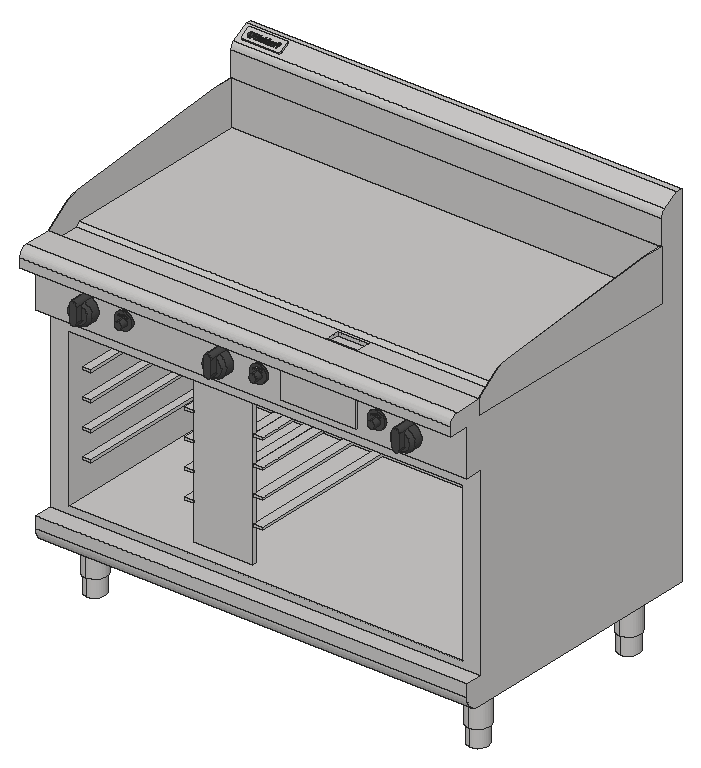
Revit family "QF_MOFFAT WALDORF_GP8120G-CB", category Specialty Equipment, Revit 2012
Parameters
  Width [instance] = 47.24409"  # constant formula
  Weight in Pounds = 533.518  # constant formula
  URL Cutsheet = "www.moffat.com"
  URL = "www.moffat.com"
  Type Mark [instance] = ""
  Status [instance] = ""
  Specification by User [instance] = ""
  Specification by Manufacturer = ""
  Show Logo [instance] = yes
  Show Casters [instance] = no
  Serial Number = ""
  Seismic Rating = ""
  SMACNA No = ""
  Revision Code [instance] = ""
  Omniclass Number and Title = ""
  NAFEM Spec ID Number = ""
  Model = "GP8120G-CB"
  Mechanical Remarks [instance] = ""
  Mechanical Connection Type [instance] = ""
  Masterspec = ""
  Manufacturer = "MOFFAT WALDORF"
  Legs [instance] = not(Show Casters)  # yes
  Item Number [instance] = ""
  Installed By [instance] = ""
  Identify Quantity as Lot [instance] = yes
  Height [instance] = 20.86614"  # constant formula
  Gas Size = 3/4"
  Gas RI Height [instance] = 0"
  Gas KW [instance] = 30
  Gas Input [instance] = 102364.0 Btu/h
  Gas Connection Height = 0"
  Furnished By [instance] = ""
  Foodservice Equipment Identifier [instance] = yes
  Description = "GRIDDLE PLATE GAS ON CABINET BASE"
  Depth [instance] = 31.69291"  # constant formula
  CSI MasterFormat = ""
  CSI Master Format = ""
  Base Height [instance] = 5.90551"
Reference planes (in)
  plane 1 "BACK": y = 0
  plane 2: z = 0
  plane 3 "LEFT": x = 0
  plane 4 "RIGHT": x = 47.24409
  plane 5 "FRONT": y = -31.69291
  plane 6 "TOP": z = 44.48819
  plane 7 "Center Y": x = 23.62205
  plane 8 "Center X": y = -15.84646
  plane 9 "Base Height": z = 5.90551
  plane 10: x = 2.55906
  plane 11: x = 44.64567
  plane 12: z = 36.02362
  plane 13: z = 25.7874
  plane 14: x = 42.12598
Forms (in)
  Extrusion 1, solid, material "QF_Finishes_Stainless Steel"
    sketch origin (0, 0, 0) x (0, 1, 0) y (0, 0, 1)
      loop
        line (-31.69291, 35.07874) -> (-31.69291, 34.09449) -> (-29.48819, 34.09449) -> (-29.48819, 28.93701) -> (-3.93701, 28.93701) -> (-3.93701, 5.90551) -> (0, 5.90551) -> (0, 44.48819) -> (-0.64961, 44.48819) -> (-2.31138, 43.52877)
        arc (-2.31138, 43.52877) -> (-2.63679, 43.20335) -> (-2.75591, 42.75882) r 0.88906
        line (-2.75591, 42.75882) -> (-2.75591, 34.44882) -> (-27.75591, 34.44882) -> (-27.75591, 36.02362) -> (-30.74803, 36.02362)
        arc (-30.74803, 36.02362) -> (-31.41616, 35.74687) -> (-31.69291, 35.07874) r 0.94488
      loop
        line (-27.51969, 5.90551) -> (-27.51969, 8.75984) -> (-29.48819, 8.75984) -> (-29.48819, 7.40157)
        arc (-29.48819, 7.40157) -> (-29.05, 6.3437) -> (-27.99213, 5.90551) r 1.49606
        line (-27.99213, 5.90551) -> (-27.51969, 5.90551)
    from 0 to 47.24409
  Extrusion 2, solid, material "QF_Finishes_Stainless Steel"
    sketch origin (27.80512, 0.11811, 1.1811) x (1, 0, 0) y (0, 1, 0)
      loop
        circle (14.33071, -1.37795) r 0.5315
    from 24.6063 to 27.75591
  Revolve 3, solid, material "QF_Finishes_Black"
    sketch origin (5.90551, 0, 20.86116) x (0, 1, 0) y (0, 0, -1)
      loop
        line (-30.7874, -11.79134) -> (-29.88189, -11.79134) -> (-29.88189, -10.70866) -> (-29.48819, -10.70866) -> (-29.48819, -10.51181) -> (-31.22047, -10.51181) -> (-31.22047, -11.56107) -> (-30.7874, -11.79134)
      axis (-31.22047, -10.51181) -> (-29.48819, -10.51181)
    angle from 0 to 360
  Extrusion 4, solid, material "QF_Finishes_Black"
    sketch origin (11.34919, 0, 20.86737) x (-1, 0, 0) y (0, 0, -1)
      loop
        arc (5.83735, -10.03814) -> (5.44365, -9.64444) -> (5.04995, -10.03814) r 0.3937
        line (5.04995, -10.03814) -> (5.04995, -11.57357)
        arc (5.04995, -11.57357) -> (5.44365, -11.96727) -> (5.83735, -11.57357) r 0.3937
        line (5.83735, -11.57357) -> (5.83735, -10.03814)
    from 29.88189 to 31.81102
  Extrusion 5, solid, material "QF_Finishes_Stainless Steel"
    sketch origin (1.68504, -29.48819, 34.09449) x (0, 0, -1) y (1, 0, 0)
      loop
        line (1.04331, 25.19685) -> (4.4685, 25.19685) -> (4.4685, 33.46457) -> (1.04331, 33.46457) -> (1.04331, 25.19685)
    from 0 to 0.09843
  Extrusion 6, solid, material "QF_Finishes_Stainless Steel"
    sketch origin (1.68504, -29.58661, 34.09449) x (0, 0, -1) y (1, 0, 0)
      loop
        line (1.3189, 33.46457) -> (1.04331, 33.46457) -> (1.04331, 25.19685) -> (1.3189, 25.19685) -> (1.3189, 33.46457)
    from 0 to 0.19685
  Extrusion 7, solid, material "QF_Finishes_Black"
    sketch origin (0, -29.48819, 34.09449) x (0, 0, -1) y (1, 0, 0)
      loop
        circle (2.70669, 9.74409) r 0.94488
      loop
        arc (2.31694, 10.33124) -> (2.00055, 9.749) -> (2.30836, 9.16218) r 0.70345
        arc (2.30836, 9.16218) -> (2.32725, 9.15095) -> (2.34753, 9.15943) r 0.02445
        arc (2.34753, 9.15943) -> (2.40409, 9.26016) -> (2.41764, 9.37489) r 0.29507
        arc (2.41764, 9.37489) -> (2.4096, 9.41142) -> (2.39196, 9.44439) r 0.1367
        arc (2.39196, 9.44439) -> (2.30175, 9.73823) -> (2.38559, 10.03395) r 0.54277
        arc (2.38559, 10.03395) -> (2.41079, 10.08392) -> (2.42122, 10.13891) r 0.20083
        arc (2.42122, 10.13891) -> (2.40663, 10.23806) -> (2.35565, 10.32436) r 0.26029
        arc (2.35565, 10.32436) -> (2.33749, 10.33451) -> (2.31694, 10.33124) r 0.03175
    from 0 to 0.19685
  Extrusion 8, solid, material "QF_Finishes_Black"
    sketch origin (0, -29.68504, 34.09449) x (0, 0, -1) y (1, 0, 0)
      loop
        circle (2.84449, 9.74409) r 0.3937
    from 0 to 0.71853
  Revolve 9, solid, material "QF_Finishes_Black"
    sketch origin (41.33858, 0, 20.86116) x (0, 1, 0) y (0, 0, 1)
      loop
        line (-30.7874, 11.79134) -> (-31.22047, 11.56107) -> (-31.22047, 10.51181) -> (-29.48819, 10.51181) -> (-29.48819, 10.70866) -> (-29.88189, 10.70866) -> (-29.88189, 11.79134) -> (-30.7874, 11.79134)
      axis (-31.22047, 10.51181) -> (-29.48819, 10.51181)
    angle from 0 to 360
  Extrusion 10, solid, material "QF_Finishes_Black"
    sketch origin (35.8949, 0, 20.86737) x (1, 0, 0) y (0, 0, 1)
      loop
        line (5.83735, 10.03814) -> (5.83735, 11.57357)
        arc (5.83735, 11.57357) -> (5.44365, 11.96727) -> (5.04995, 11.57357) r 0.3937
        line (5.04995, 11.57357) -> (5.04995, 10.03814)
        arc (5.04995, 10.03814) -> (5.44365, 9.64444) -> (5.83735, 10.03814) r 0.3937
    from 29.88189 to 31.81102
  Extrusion 11, solid, material "QF_Finishes_Black"
    sketch origin (47.24409, -29.48819, 34.09449) x (0, 0, -1) y (1, 0, 0)
      loop
        circle (2.70669, -9.74409) r 0.94488
      loop
        arc (2.31694, -10.33124) -> (2.33749, -10.33451) -> (2.35565, -10.32436) r 0.03175
        arc (2.35565, -10.32436) -> (2.40663, -10.23806) -> (2.42122, -10.13891) r 0.26029
        arc (2.42122, -10.13891) -> (2.41079, -10.08392) -> (2.38559, -10.03395) r 0.20083
        arc (2.38559, -10.03395) -> (2.30175, -9.73823) -> (2.39196, -9.44439) r 0.54277
        arc (2.39196, -9.44439) -> (2.4096, -9.41142) -> (2.41764, -9.37489) r 0.1367
        arc (2.41764, -9.37489) -> (2.40409, -9.26016) -> (2.34753, -9.15943) r 0.29507
        arc (2.34753, -9.15943) -> (2.32725, -9.15095) -> (2.30836, -9.16218) r 0.02445
        arc (2.30836, -9.16218) -> (2.00055, -9.749) -> (2.31694, -10.33124) r 0.70345
    from 0 to 0.19685
  Extrusion 12, solid, material "QF_Finishes_Black"
    sketch origin (47.24409, -29.68504, 34.09449) x (0, 0, -1) y (1, 0, 0)
      loop
        circle (2.84449, -9.74409) r 0.3937
    from 0 to 0.71853
  Revolve 13, solid, material "QF_Finishes_Black"
    sketch origin (20.66929, 0, 20.86116) x (0, 1, 0) y (0, 0, -1)
      loop
        line (-30.7874, -11.79134) -> (-29.88189, -11.79134) -> (-29.88189, -10.70866) -> (-29.48819, -10.70866) -> (-29.48819, -10.51181) -> (-31.22047, -10.51181) -> (-31.22047, -11.56107) -> (-30.7874, -11.79134)
      axis (-31.22047, -10.51181) -> (-29.48819, -10.51181)
    angle from 0 to 360
  Extrusion 14, solid, material "QF_Finishes_Black"
    sketch origin (26.11297, 0, 20.86737) x (-1, 0, 0) y (0, 0, -1)
      loop
        arc (5.83735, -10.03814) -> (5.44365, -9.64444) -> (5.04995, -10.03814) r 0.3937
        line (5.04995, -10.03814) -> (5.04995, -11.57357)
        arc (5.04995, -11.57357) -> (5.44365, -11.96727) -> (5.83735, -11.57357) r 0.3937
        line (5.83735, -11.57357) -> (5.83735, -10.03814)
    from 29.88189 to 31.81102
  Extrusion 15, solid, material "QF_Finishes_Black"
    sketch origin (14.76378, -29.48819, 34.09449) x (0, 0, -1) y (1, 0, 0)
      loop
        circle (2.70669, 9.74409) r 0.94488
      loop
        arc (2.31694, 10.33124) -> (2.00055, 9.749) -> (2.30836, 9.16218) r 0.70345
        arc (2.30836, 9.16218) -> (2.32725, 9.15095) -> (2.34753, 9.15943) r 0.02445
        arc (2.34753, 9.15943) -> (2.40409, 9.26016) -> (2.41764, 9.37489) r 0.29507
        arc (2.41764, 9.37489) -> (2.4096, 9.41142) -> (2.39196, 9.44439) r 0.1367
        arc (2.39196, 9.44439) -> (2.30175, 9.73823) -> (2.38559, 10.03395) r 0.54277
        arc (2.38559, 10.03395) -> (2.41079, 10.08392) -> (2.42122, 10.13891) r 0.20083
        arc (2.42122, 10.13891) -> (2.40663, 10.23806) -> (2.35565, 10.32436) r 0.26029
        arc (2.35565, 10.32436) -> (2.33749, 10.33451) -> (2.31694, 10.33124) r 0.03175
    from 0 to 0.19685
  Extrusion 16, solid, material "QF_Finishes_Black"
    sketch origin (14.76378, -29.68504, 34.09449) x (0, 0, -1) y (1, 0, 0)
      loop
        circle (2.84449, 9.74409) r 0.3937
    from 0 to 0.71853
  Revolve 17, solid, material "QF_Finishes_Stainless Steel", visible <- "Legs"
    sketch origin (44.6063, -8.26772, 0) x (0, 1, 0) y (0, 0, -1)
      loop
        line (3.08071, -5.90551) -> (4.33071, -5.90551) -> (4.33071, 0) -> (3.24803, 0) -> (3.24803, -1.9685) -> (3.08071, -1.9685) -> (3.08071, -5.90551)
      axis (4.33071, -5.90551) -> (4.33071, 0)
    angle from 0 to 360
  Revolve 18, solid, material "QF_Finishes_Stainless Steel"
    sketch origin (44.6063, -28.93701, 0) x (0, 1, 0) y (0, 0, -1)
      loop
        line (3.08071, -5.90551) -> (4.33071, -5.90551) -> (4.33071, 0) -> (3.24803, 0) -> (3.24803, -1.9685) -> (3.08071, -1.9685) -> (3.08071, -5.90551)
      axis (4.33071, -5.90551) -> (4.33071, 0)
    angle from 0 to 360
  Revolve 19, solid, material "QF_Finishes_Stainless Steel", visible <- "Legs"
    sketch origin (2.55906, -8.26772, 0) x (0, 1, 0) y (0, 0, -1)
      loop
        line (3.08071, -5.90551) -> (4.33071, -5.90551) -> (4.33071, 0) -> (3.24803, 0) -> (3.24803, -1.9685) -> (3.08071, -1.9685) -> (3.08071, -5.90551)
      axis (4.33071, -5.90551) -> (4.33071, 0)
    angle from 0 to 360
  Revolve 20, solid, material "QF_Finishes_Stainless Steel"
    sketch origin (2.55906, -28.93701, 0) x (0, 1, 0) y (0, 0, -1)
      loop
        line (3.08071, -5.90551) -> (4.33071, -5.90551) -> (4.33071, 0) -> (3.24803, 0) -> (3.24803, -1.9685) -> (3.08071, -1.9685) -> (3.08071, -5.90551)
      axis (4.33071, -5.90551) -> (4.33071, 0)
    angle from 0 to 360
  Extrusion 21, solid, material "QF_Finishes_Stainless Steel"
    sketch origin (0, -3.93701, 28.93701) x (0, 0, 1) y (-1, 0, 0)
      loop
        line (0, 0) -> (-23.0315, 0) -> (-23.0315, -47.24409) -> (0, -47.24409) -> (0, 0)
      loop
        line (-2.16535, -1.9685) -> (-19.38976, -1.9685) -> (-19.38976, -45.27559) -> (-2.16535, -45.27559) -> (-2.16535, -1.9685)
    from 0 to 23.58268
  Extrusion 22, void
    sketch origin (0, 0, 5.90551) x (-1, 0, 0) y (0, -1, 0)
      loop
        line (-44.51269, 3.43545) -> (-44.51269, -1.19053) -> (-39.41426, -1.19053) -> (-39.41426, 1.526) -> (-41.32371, 3.43545) -> (-44.51269, 3.43545)
    from 2.85433 to 23.0315
  Extrusion 23, solid, material "QF_Finishes_Stainless Steel"
    sketch origin (0, -3.93701, 28.93701) x (0, 0, 1) y (-1, 0, 0)
      loop
        line (-2.16535, -20.80709) -> (-2.16535, -14.27165) -> (-19.38976, -14.27165) -> (-19.38976, -20.80709) -> (-2.16535, -20.80709)
    from 21.38983 to 21.78353
  Extrusion 24, solid, material "QF_Finishes_Stainless Steel"
    sketch origin (0, -3.93701, 28.93701) x (0, 0, 1) y (-1, 0, 0)
      loop
        line (-9.69488, -14.24705) -> (-9.44488, -14.24705) -> (-9.44488, -13.2628) -> (-9.69488, -13.2628) -> (-9.69488, -14.24705)
      loop
        line (-12.64764, -14.24705) -> (-12.39764, -14.24705) -> (-12.39764, -13.2628) -> (-12.64764, -13.2628) -> (-12.64764, -14.24705)
      loop
        line (-12.64764, -1.9685) -> (-12.64764, -2.95276) -> (-12.39764, -2.95276) -> (-12.39764, -1.9685) -> (-12.64764, -1.9685)
      loop
        line (-9.44488, -2.95276) -> (-9.44488, -1.9685) -> (-9.69488, -1.9685) -> (-9.69488, -2.95276) -> (-9.44488, -2.95276)
      loop
        line (-15.60039, -14.24705) -> (-15.35039, -14.24705) -> (-15.35039, -13.2628) -> (-15.60039, -13.2628) -> (-15.60039, -14.24705)
      loop
        line (-15.60039, -1.9685) -> (-15.60039, -2.95276) -> (-15.35039, -2.95276) -> (-15.35039, -1.9685) -> (-15.60039, -1.9685)
      loop
        line (-6.74213, -14.24705) -> (-6.49213, -14.24705) -> (-6.49213, -13.2628) -> (-6.74213, -13.2628) -> (-6.74213, -14.24705)
      loop
        line (-6.49213, -2.95276) -> (-6.49213, -1.9685) -> (-6.74213, -1.9685) -> (-6.74213, -2.95276) -> (-6.49213, -2.95276)
      loop
        line (-9.69488, -20.83661) -> (-9.69488, -21.82087) -> (-9.44488, -21.82087) -> (-9.44488, -20.83661) -> (-9.69488, -20.83661)
      loop
        line (-12.64764, -20.83661) -> (-12.64764, -21.82087) -> (-12.39764, -21.82087) -> (-12.39764, -20.83661) -> (-12.64764, -20.83661)
      loop
        line (-12.64764, -45.23267) -> (-12.39764, -45.23267) -> (-12.39764, -44.24842) -> (-12.64764, -44.24842) -> (-12.64764, -45.23267)
      loop
        line (-9.44488, -44.24842) -> (-9.69488, -44.24842) -> (-9.69488, -45.23267) -> (-9.44488, -45.23267) -> (-9.44488, -44.24842)
      loop
        line (-15.60039, -20.83661) -> (-15.60039, -21.82087) -> (-15.35039, -21.82087) -> (-15.35039, -20.83661) -> (-15.60039, -20.83661)
      loop
        line (-15.60039, -45.23267) -> (-15.35039, -45.23267) -> (-15.35039, -44.24842) -> (-15.60039, -44.24842) -> (-15.60039, -45.23267)
      loop
        line (-6.74213, -20.83661) -> (-6.74213, -21.82087) -> (-6.49213, -21.82087) -> (-6.49213, -20.83661) -> (-6.74213, -20.83661)
      loop
        line (-6.49213, -44.24842) -> (-6.74213, -44.24842) -> (-6.74213, -45.23267) -> (-6.49213, -45.23267) -> (-6.49213, -44.24842)
    from 0 to 21.78353
Cuts and joins
  Extrusion 22 cuts Extrusion 1
  joined: Extrusion 1, Extrusion 21
Lines and regions (in)
  Split face 1
    outline origin (1.93159, -0.77746, 44.41437) x (0, -0.866025, -0.5) y (1, 0, 0)
      loop
        line (0.0562, 4.15354) -> (1.41087, 4.15354) -> (1.41087, 4.94094) -> (0.0562, 4.94094) -> (0.0562, 4.15354)
  Split face 2
    outline origin (3.9001, -0.77746, 44.41437) x (0, -0.866025, -0.5) y (1, 0, 0)
      loop
        line (0.0562, 4.15354) -> (1.41087, 4.15354) -> (1.41087, 4.94094) -> (0.0562, 4.94094) -> (0.0562, 4.15354)
  Split face 3
    outline origin (5.8686, -0.77746, 44.41437) x (0, -0.866025, -0.5) y (1, 0, 0)
      loop
        line (0.0562, 4.15354) -> (1.41087, 4.15354) -> (1.41087, 4.94094) -> (0.0562, 4.94094) -> (0.0562, 4.15354)
  Split face 4
    outline origin (7.83711, -0.77746, 44.41437) x (0, -0.866025, -0.5) y (1, 0, 0)
      loop
        line (0.0562, 4.15354) -> (1.41087, 4.15354) -> (1.41087, 4.94094) -> (0.0562, 4.94094) -> (0.0562, 4.15354)
  Split face 5
    outline origin (9.80561, -0.77746, 44.41437) x (0, -0.866025, -0.5) y (1, 0, 0)
      loop
        line (0.0562, 4.15354) -> (1.41087, 4.15354) -> (1.41087, 4.94094) -> (0.0562, 4.94094) -> (0.0562, 4.15354)
  Split face 6
    outline origin (11.77411, -0.77746, 44.41437) x (0, -0.866025, -0.5) y (1, 0, 0)
      loop
        line (0.0562, 4.15354) -> (1.41087, 4.15354) -> (1.41087, 4.94094) -> (0.0562, 4.94094) -> (0.0562, 4.15354)
  Split face 7
    outline origin (2.03002, -0.77746, 44.41437) x (0, -0.866025, -0.5) y (1, 0, 0)
      loop
        line (0.0562, 15.96457) -> (1.41087, 15.96457) -> (1.41087, 16.75197) -> (0.0562, 16.75197) -> (0.0562, 15.96457)
  Split face 8
    outline origin (3.99852, -0.77746, 44.41437) x (0, -0.866025, -0.5) y (1, 0, 0)
      loop
        line (0.0562, 15.96457) -> (1.41087, 15.96457) -> (1.41087, 16.75197) -> (0.0562, 16.75197) -> (0.0562, 15.96457)
  Split face 9
    outline origin (5.96703, -0.77746, 44.41437) x (0, -0.866025, -0.5) y (1, 0, 0)
      loop
        line (0.0562, 15.96457) -> (1.41087, 15.96457) -> (1.41087, 16.75197) -> (0.0562, 16.75197) -> (0.0562, 15.96457)
  Split face 10
    outline origin (7.93553, -0.77746, 44.41437) x (0, -0.866025, -0.5) y (1, 0, 0)
      loop
        line (0.0562, 15.96457) -> (1.41087, 15.96457) -> (1.41087, 16.75197) -> (0.0562, 16.75197) -> (0.0562, 15.96457)
  Split face 11
    outline origin (9.90404, -0.77746, 44.41437) x (0, -0.866025, -0.5) y (1, 0, 0)
      loop
        line (0.0562, 15.96457) -> (1.41087, 15.96457) -> (1.41087, 16.75197) -> (0.0562, 16.75197) -> (0.0562, 15.96457)
  Split face 12
    outline origin (11.87254, -0.77746, 44.41437) x (0, -0.866025, -0.5) y (1, 0, 0)
      loop
        line (0.0562, 15.96457) -> (1.41087, 15.96457) -> (1.41087, 16.75197) -> (0.0562, 16.75197) -> (0.0562, 15.96457)
  Split face 13
    outline origin (13.84104, -0.77746, 44.41437) x (0, -0.866025, -0.5) y (1, 0, 0)
      loop
        line (0.0562, 15.96457) -> (1.41087, 15.96457) -> (1.41087, 16.75197) -> (0.0562, 16.75197) -> (0.0562, 15.96457)
  Split face 14
    outline origin (15.83899, -0.77746, 44.41437) x (0, -0.866025, -0.5) y (1, 0, 0)
      loop
        line (0.0562, 15.96457) -> (1.41087, 15.96457) -> (1.41087, 16.75197) -> (0.0562, 16.75197) -> (0.0562, 15.96457)
  Split face 15
    outline origin (17.8075, -0.77746, 44.41437) x (0, -0.866025, -0.5) y (1, 0, 0)
      loop
        line (0.0562, 15.96457) -> (1.41087, 15.96457) -> (1.41087, 16.75197) -> (0.0562, 16.75197) -> (0.0562, 15.96457)
  symbolic lines, visible <- "Show Logo"
    curve 1: line (0.49213, -2.04962, 0) -> (0.49213, -0.83067, 0)
    curve 2: line (4.78346, -0.83067, 0) -> (4.78346, -2.04962, 0)
    curve 3: line (0.49213, -0.83067, 0) -> (4.78346, -0.83067, 0)
    curve 4: line (0.49213, -2.04962, 0) -> (4.78346, -2.04962, 0)
  symbolic lines
    curve 5: line (6.08514, -1.99931, 0) -> (6.08514, -0.82613, 0)
    curve 6: line (6.08514, -0.82613, 0) -> (6.87254, -0.82613, 0)
    curve 7: line (6.87254, -0.82613, 0) -> (6.87254, -1.99931, 0)
    curve 8: line (6.87254, -1.99931, 0) -> (6.08514, -1.99931, 0)
    curve 9: line (8.05364, -0.82613, 0) -> (8.05364, -1.99931, 0)
    curve 10: line (8.05364, -1.99931, 0) -> (8.84104, -1.99931, 0)
    curve 11: line (8.84104, -1.99931, 0) -> (8.84104, -0.82613, 0)
    curve 12: line (8.84104, -0.82613, 0) -> (8.05364, -0.82613, 0)
    curve 13: line (10.02215, -0.82613, 0) -> (10.02215, -1.99931, 0)
    curve 14: line (10.02215, -1.99931, 0) -> (10.80955, -1.99931, 0)
    curve 15: line (10.80955, -1.99931, 0) -> (10.80955, -0.82613, 0)
    curve 16: line (10.80955, -0.82613, 0) -> (10.02215, -0.82613, 0)
    curve 17: line (0, -31.69291, 0) -> (47.24409, -31.69291, 0)
    curve 18: line (0, 0, 0) -> (0, -31.69291, 0)
    curve 19: line (47.24409, 0, 0) -> (0, 0, 0)
    curve 20: line (0, -2.75591, 0) -> (47.24409, -2.75591, 0)
    curve 21: line (47.24409, -27.75591, 0) -> (0, -27.75591, 0)
    curve 22: line (11.99065, -0.82613, 0) -> (11.99065, -1.99931, 0)
    curve 23: line (11.99065, -1.99931, 0) -> (12.77805, -1.99931, 0)
    curve 24: line (12.77805, -1.99931, 0) -> (12.77805, -0.82613, 0)
    curve 25: line (12.77805, -0.82613, 0) -> (11.99065, -0.82613, 0)
    curve 26: line (13.95915, -0.82613, 0) -> (13.95915, -1.99931, 0)
    curve 27: line (13.95915, -1.99931, 0) -> (14.74656, -1.99931, 0)
    curve 28: line (14.74656, -1.99931, 0) -> (14.74656, -0.82613, 0)
    curve 29: line (14.74656, -0.82613, 0) -> (13.95915, -0.82613, 0)
    curve 30: line (15.92766, -0.82613, 0) -> (15.92766, -1.99931, 0)
    curve 31: line (15.92766, -1.99931, 0) -> (16.71506, -1.99931, 0)
    curve 32: line (16.71506, -1.99931, 0) -> (16.71506, -0.82613, 0)
    curve 33: line (16.71506, -0.82613, 0) -> (15.92766, -0.82613, 0)
    curve 34: line (17.99459, -0.82613, 0) -> (17.99459, -1.99931, 0)
    curve 35: line (17.99459, -1.99931, 0) -> (18.78199, -1.99931, 0)
    curve 36: line (18.78199, -1.99931, 0) -> (18.78199, -0.82613, 0)
    curve 37: line (18.78199, -0.82613, 0) -> (17.99459, -0.82613, 0)
    curve 38: line (19.96309, -0.82613, 0) -> (19.96309, -1.99931, 0)
    curve 39: line (19.96309, -1.99931, 0) -> (20.75049, -1.99931, 0)
    curve 40: line (20.75049, -1.99931, 0) -> (20.75049, -0.82613, 0)
    curve 41: line (20.75049, -0.82613, 0) -> (19.96309, -0.82613, 0)
    curve 42: line (21.93159, -1.99931, 0) -> (22.719, -1.99931, 0)
    curve 43: line (22.719, -1.99931, 0) -> (22.719, -0.82613, 0)
    curve 44: line (22.719, -0.82613, 0) -> (21.93159, -0.82613, 0)
    curve 45: line (21.93159, -0.82613, 0) -> (21.93159, -1.99931, 0)
    curve 46: line (23.9001, -1.99931, 0) -> (24.6875, -1.99931, 0)
    curve 47: line (24.6875, -1.99931, 0) -> (24.6875, -0.82613, 0)
    curve 48: line (24.6875, -0.82613, 0) -> (23.9001, -0.82613, 0)
    curve 49: line (23.9001, -0.82613, 0) -> (23.9001, -1.99931, 0)
    curve 50: line (26.656, -1.99931, 0) -> (25.8686, -1.99931, 0)
    curve 51: line (25.8686, -1.99931, 0) -> (25.8686, -0.82613, 0)
    curve 52: line (25.8686, -0.82613, 0) -> (26.656, -0.82613, 0)
    curve 53: line (26.656, -0.82613, 0) -> (26.656, -1.99931, 0)
    curve 54: line (27.83711, -1.99931, 0) -> (28.62451, -1.99931, 0)
    curve 55: line (28.62451, -1.99931, 0) -> (28.62451, -0.82613, 0)
    curve 56: line (28.62451, -0.82613, 0) -> (27.83711, -0.82613, 0)
    curve 57: line (27.83711, -0.82613, 0) -> (27.83711, -1.99931, 0)
    curve 58: line (29.80561, -1.99931, 0) -> (30.59301, -1.99931, 0)
    curve 59: line (30.59301, -1.99931, 0) -> (30.59301, -0.82613, 0)
    curve 60: line (30.59301, -0.82613, 0) -> (29.80561, -0.82613, 0)
    curve 61: line (29.80561, -0.82613, 0) -> (29.80561, -1.99931, 0)
    curve 62: line (31.80356, -1.99931, 0) -> (32.59096, -1.99931, 0)
    curve 63: line (32.59096, -1.99931, 0) -> (32.59096, -0.82613, 0)
    curve 64: line (32.59096, -0.82613, 0) -> (31.80356, -0.82613, 0)
    curve 65: line (31.80356, -0.82613, 0) -> (31.80356, -1.99931, 0)
    curve 66: line (33.77207, -1.99931, 0) -> (34.55947, -1.99931, 0)
    curve 67: line (34.55947, -1.99931, 0) -> (34.55947, -0.82613, 0)
    curve 68: line (34.55947, -0.82613, 0) -> (33.77207, -0.82613, 0)
    curve 69: line (33.77207, -0.82613, 0) -> (33.77207, -1.99931, 0)
    curve 70: line (47.24409, -31.69291, 0) -> (47.24409, 0, 0)
Dimensions and locks (in)
  equal spacing: plane 3 "LEFT", plane 7 "Center Y", plane 4 "RIGHT"
  "Width": plane 3 "LEFT" to plane 4 "RIGHT"
  equal spacing: plane 5 "FRONT", plane 8 "Center X", plane 1 "BACK"
  "Depth": plane 5 "FRONT" to plane 1 "BACK"
  "Base Height": plane 9 "Base Height" to level
  plane 6 "TOP" to level = 44.48819"
  plane 11 to plane 10 = 42.08661"
  plane 12 to level = 36.02362"
  plane 13 to level = 25.7874"
  plane 14 to plane 4 "RIGHT" = 5.11811"
  aligned and locked: level to plane 2
Automatic sketch dimensions
  curve 17 to plane 3 "LEFT" = 0"
  plane 1 "BACK" to curve 19 = 0"
  curve 19 to plane 4 "RIGHT" = 0"
  plane 5 "FRONT" to curve 17 = 0"
  plane 3 "LEFT" to curve 1 = 0.49213"
  plane 10 to curve 4 = 2.22441"
  curve 2 to curve 6 = 1.30167"
  curve 5 to curve 8 = 0.7874"
  curve 6 to curve 12 = 1.1811"
  curve 9 to curve 10 = 0.7874"
  curve 11 to curve 16 = 1.1811"
  curve 13 to curve 15 = 0.7874"
  curve 15 to curve 22 = 1.1811"
  curve 22 to curve 24 = 0.7874"
  curve 23 to curve 26 = 1.1811"
  curve 26 to curve 27 = 0.7874"
  curve 27 to curve 30 = 1.1811"
  curve 30 to curve 32 = 0.7874"
  curve 31 to curve 34 = 1.27953"
  curve 34 to curve 35 = 0.7874"
  curve 36 to curve 38 = 1.1811"
  curve 38 to curve 41 = 0.7874"
  curve 39 to curve 42 = 1.1811"
  curve 44 to curve 43 = 0.7874"
  plane 7 "Center Y" to curve 48 = 0.27805"
  curve 46 to curve 46 = 0.7874"
  curve 47 to curve 52 = 1.1811"
  curve 51 to curve 53 = 0.7874"
  curve 50 to curve 54 = 1.1811"
  curve 56 to curve 56 = 0.7874"
  curve 55 to curve 61 = 1.1811"
  curve 58 to curve 58 = 0.7874"
  curve 58 to curve 62 = 1.21055"
  curve 62 to curve 62 = 0.7874"
  curve 63 to curve 68 = 1.1811"
  curve 66 to curve 66 = 0.7874"
  curve 21 to plane 5 "FRONT" = 3.93701"
  curve 20 to curve 19 = 2.75591"
  plane 1 "BACK" to curve 2 = 2.04962"
  plane 1 "BACK" to curve 7 = 1.99931"
  plane 1 "BACK" to curve 59 = 1.99931"
  curve 7 to curve 9 = 0"
  curve 57 to curve 58 = 0"
  curve 10 to curve 13 = 0"
  curve 53 to curve 54 = 0"
  curve 58 to curve 62 = 0"
  curve 62 to curve 66 = 0"
  curve 49 to curve 50 = 0"
  curve 14 to curve 22 = 0"
  curve 45 to curve 46 = 0"
  curve 23 to curve 26 = 0"
  curve 40 to curve 42 = 0"
  curve 27 to curve 30 = 0"
  curve 36 to curve 38 = 0"
  plane 1 "BACK" to curve 2 = 0.83067"
  plane 1 "BACK" to curve 33 = 0.82613"
  plane 1 "BACK" to curve 40 = 0.82613"
  plane 1 "BACK" to curve 29 = 0.82613"
  plane 1 "BACK" to curve 43 = 0.82613"
  plane 1 "BACK" to curve 25 = 0.82613"
  plane 1 "BACK" to curve 47 = 0.82613"
  plane 1 "BACK" to curve 69 = 0.82613"
  plane 1 "BACK" to curve 52 = 0.82613"
  plane 1 "BACK" to curve 16 = 0.82613"
  plane 1 "BACK" to curve 55 = 0.82613"
  plane 1 "BACK" to curve 12 = 0.82613"
  plane 1 "BACK" to curve 59 = 0.82613"
  plane 1 "BACK" to curve 7 = 0.82613"
  plane 1 "BACK" to curve 63 = 0.82613"
  plane 1 "BACK" to curve 37 = 0.82613"
  plane 1 "BACK" to Extrusion 2 sketch curve = 1.25984"
  plane 11 to Extrusion 2 sketch curve = 2.50984"
  Revolve 3 sketch curve to plane 5 "FRONT" = 0.47244"
  Revolve 3 sketch curve to Revolve 3 sketch curve = 0"  (x2)
  Revolve 3 sketch curve to Revolve 3 sketch curve = 0.43307"
  Revolve 3 sketch curve to Revolve 3 sketch curve = 1/2"
  Revolve 3 sketch curve to Revolve 3 sketch curve = 0.90551"
  Revolve 3 sketch curve to Revolve 3 sketch curve = 0.3937"
  Revolve 3 sketch curve to plane 6 "TOP" = 11.83569"
  Revolve 3 sketch curve to Revolve 3 sketch curve = 0.23027"
  Revolve 3 sketch curve to Revolve 3 sketch curve = 1.08268"
  Revolve 3 sketch curve to Revolve 3 sketch curve = 0.19685"
  plane 10 to Extrusion 4 sketch curve = 3.74019"
  Extrusion 4 sketch curve to Extrusion 4 sketch curve = 0.3937"
  Extrusion 4 sketch curve to plane 6 "TOP" = 12.04724"
  Extrusion 4 sketch curve to Extrusion 4 sketch curve = 1.53543"
  Extrusion 1 to Split face 1 sketch curve = 0.20384"
  Split face 1 sketch curve to Extrusion 1 = 0.36034"
  Split face 1 sketch curve to Extrusion 1 = 6.08514"
  Split face 1 sketch curve to Split face 1 sketch curve = 0.7874"
  Extrusion 1 to Split face 2 sketch curve = 0.20384"
  Split face 2 sketch curve to Extrusion 1 = 0.36034"
  Split face 2 sketch curve to Extrusion 1 = 8.05364"
  Split face 2 sketch curve to Split face 2 sketch curve = 0.7874"
  Extrusion 1 to Split face 3 sketch curve = 0.20384"
  Split face 3 sketch curve to Extrusion 1 = 0.36034"
  Split face 3 sketch curve to Extrusion 1 = 10.02215"
  Split face 3 sketch curve to Split face 3 sketch curve = 0.7874"
  Extrusion 1 to Extrusion 5 sketch curve = 1.04331"
  Extrusion 5 sketch curve to Extrusion 1 = 0.68898"
  Extrusion 1 to Extrusion 5 sketch curve = 20.3622"
  Extrusion 5 sketch curve to Extrusion 5 sketch curve = 8.26772"
  Extrusion 6 sketch curve to Extrusion 5 = 0"  (x2)
  Extrusion 5 to Extrusion 6 sketch curve = 0"
  Extrusion 6 sketch curve to Extrusion 6 sketch curve = 0.27559"
  Extrusion 1 to Extrusion 7 sketch curve = 2.1235"
  Extrusion 7 sketch curve to Extrusion 7 sketch curve = 0.03772"
  Extrusion 7 sketch curve to Extrusion 7 sketch curve = 0.0594"
  Extrusion 7 sketch curve to Extrusion 7 sketch curve = 0.15788"
  Extrusion 7 sketch curve to Extrusion 7 sketch curve = 0.02698"
  Extrusion 7 sketch curve to Extrusion 7 sketch curve = 0.09632"
  Extrusion 7 sketch curve to Extrusion 7 sketch curve = 0.02061"
  Extrusion 7 sketch curve to Extrusion 7 sketch curve = 0.015"
  Extrusion 7 sketch curve to Extrusion 7 sketch curve = 0.01857"
  Extrusion 7 sketch curve to Extrusion 7 sketch curve = 0"  (x5)
  Extrusion 7 sketch curve to Extrusion 7 sketch curve = 0.02372"
  Extrusion 7 sketch curve to Extrusion 7 sketch curve = 0.16497"
  Extrusion 7 sketch curve to Extrusion 7 sketch curve = 0.11058"
  Extrusion 7 sketch curve to Extrusion 7 sketch curve = 0.02568"
  Extrusion 7 sketch curve to Extrusion 7 sketch curve = 0.03563"
  Extrusion 7 sketch curve to Extrusion 7 sketch curve = 0.31839"
  Extrusion 7 sketch curve to Extrusion 7 sketch curve = 0.00271"
  Extrusion 7 sketch curve to Extrusion 7 sketch curve = 0.1378"
  Extrusion 1 to Extrusion 7 sketch curve = 9.15943"
  Extrusion 7 sketch curve to Extrusion 7 sketch curve = 0.00276"
  Extrusion 7 sketch curve to Extrusion 7 sketch curve = 0.29944"
  Extrusion 7 sketch curve to Extrusion 7 sketch curve = 0.00026"
  Extrusion 1 to Split face 4 sketch curve = 0.20384"
  Split face 4 sketch curve to Extrusion 1 = 0.36034"
  Split face 4 sketch curve to Extrusion 1 = 11.99065"
  Split face 4 sketch curve to Split face 4 sketch curve = 0.7874"
  Extrusion 1 to Split face 5 sketch curve = 0.20384"
  Split face 5 sketch curve to Extrusion 1 = 0.36034"
  Split face 5 sketch curve to Extrusion 1 = 13.95915"
  Split face 5 sketch curve to Split face 5 sketch curve = 0.7874"
  Extrusion 1 to Split face 6 sketch curve = 0.20384"
  Split face 6 sketch curve to Extrusion 1 = 0.36034"
  Split face 6 sketch curve to Extrusion 1 = 15.92766"
  Split face 6 sketch curve to Split face 6 sketch curve = 0.7874"
  Extrusion 1 to Split face 7 sketch curve = 0.20384"
  Split face 7 sketch curve to Extrusion 1 = 0.36034"
  Split face 7 sketch curve to Extrusion 1 = 17.99459"
  Split face 7 sketch curve to Split face 7 sketch curve = 0.7874"
  Extrusion 1 to Split face 8 sketch curve = 0.20384"
  Split face 8 sketch curve to Extrusion 1 = 0.36034"
  Split face 8 sketch curve to Extrusion 1 = 19.96309"
  Split face 8 sketch curve to Split face 8 sketch curve = 0.7874"
  Extrusion 1 to Split face 9 sketch curve = 0.20384"
  Split face 9 sketch curve to Extrusion 1 = 0.36034"
  Split face 9 sketch curve to Extrusion 1 = 21.93159"
  Split face 9 sketch curve to Split face 9 sketch curve = 0.7874"
  Extrusion 1 to Split face 10 sketch curve = 0.20384"
  Split face 10 sketch curve to Extrusion 1 = 0.36034"
  Split face 10 sketch curve to Extrusion 1 = 23.344"
  Split face 10 sketch curve to Split face 10 sketch curve = 0.7874"
  Extrusion 1 to Split face 11 sketch curve = 0.20384"
  Split face 11 sketch curve to Extrusion 1 = 0.36034"
  Split face 11 sketch curve to Extrusion 1 = 21.37549"
  Split face 11 sketch curve to Split face 11 sketch curve = 0.7874"
  Revolve 9 sketch curve to plane 5 "FRONT" = 0.47244"
  Revolve 9 sketch curve to Revolve 9 sketch curve = 0"  (x2)
  Revolve 9 sketch curve to Revolve 9 sketch curve = 0.43307"
  Revolve 9 sketch curve to Revolve 9 sketch curve = 1/2"
  Revolve 9 sketch curve to Revolve 9 sketch curve = 0.90551"
  Revolve 9 sketch curve to Revolve 9 sketch curve = 0.3937"
  Revolve 9 sketch curve to plane 6 "TOP" = 13.11522"
  Revolve 9 sketch curve to Revolve 9 sketch curve = 0.19685"
  Revolve 9 sketch curve to Revolve 9 sketch curve = 1.04926"
  Revolve 9 sketch curve to Revolve 9 sketch curve = 0.23027"
  plane 11 to Extrusion 10 sketch curve = 3.70082"
  Extrusion 10 sketch curve to Extrusion 10 sketch curve = 0.3937"
  Extrusion 10 sketch curve to plane 6 "TOP" = 13.58268"
  Extrusion 10 sketch curve to Extrusion 10 sketch curve = 1.53543"
  Extrusion 1 to Extrusion 11 sketch curve = 2.1235"
  Extrusion 11 sketch curve to Extrusion 11 sketch curve = 0.03772"
  Extrusion 11 sketch curve to Extrusion 11 sketch curve = 0.0594"
  Extrusion 11 sketch curve to Extrusion 11 sketch curve = 0.15788"
  Extrusion 11 sketch curve to Extrusion 11 sketch curve = 0.02698"
  Extrusion 11 sketch curve to Extrusion 11 sketch curve = 0.09632"
  Extrusion 11 sketch curve to Extrusion 11 sketch curve = 0.02061"
  Extrusion 11 sketch curve to Extrusion 11 sketch curve = 0.015"
  Extrusion 11 sketch curve to Extrusion 11 sketch curve = 0.01857"
  Extrusion 11 sketch curve to Extrusion 11 sketch curve = 0"  (x5)
  Extrusion 11 sketch curve to Extrusion 11 sketch curve = 0.02372"
  Extrusion 11 sketch curve to Extrusion 11 sketch curve = 0.16497"
  Extrusion 11 sketch curve to Extrusion 11 sketch curve = 0.11058"
  Extrusion 11 sketch curve to Extrusion 11 sketch curve = 0.02568"
  Extrusion 11 sketch curve to Extrusion 11 sketch curve = 0.03563"
  Extrusion 11 sketch curve to Extrusion 11 sketch curve = 0.31839"
  Extrusion 11 sketch curve to Extrusion 11 sketch curve = 0.00271"
  Extrusion 11 sketch curve to Extrusion 11 sketch curve = 0.1378"
  Extrusion 1 to Extrusion 11 sketch curve = 10.33124"
  Extrusion 11 sketch curve to Extrusion 11 sketch curve = 0.00688"
  Extrusion 11 sketch curve to Extrusion 11 sketch curve = 0.28986"
  Extrusion 11 sketch curve to Extrusion 11 sketch curve = 0.00026"
  Revolve 13 sketch curve to plane 5 "FRONT" = 0.47244"
  Revolve 13 sketch curve to Revolve 13 sketch curve = 0"  (x2)
  Revolve 13 sketch curve to Revolve 13 sketch curve = 0.43307"
  Revolve 13 sketch curve to Revolve 13 sketch curve = 1/2"
  Revolve 13 sketch curve to Revolve 13 sketch curve = 0.90551"
  Revolve 13 sketch curve to Revolve 13 sketch curve = 0.3937"
  Revolve 13 sketch curve to plane 6 "TOP" = 11.83569"
  Revolve 13 sketch curve to Revolve 13 sketch curve = 0.23027"
  Revolve 13 sketch curve to Revolve 13 sketch curve = 1.08268"
  Revolve 13 sketch curve to Revolve 13 sketch curve = 0.19685"
  Extrusion 14 sketch curve to plane 7 "Center Y" = 2.55903"
  Extrusion 14 sketch curve to Extrusion 14 sketch curve = 0.3937"
  Extrusion 14 sketch curve to plane 6 "TOP" = 12.04724"
  Extrusion 14 sketch curve to Extrusion 14 sketch curve = 1.53543"
  Extrusion 1 to Extrusion 15 sketch curve = 2.1235"
  Extrusion 15 sketch curve to Extrusion 15 sketch curve = 0.03772"
  Extrusion 15 sketch curve to Extrusion 15 sketch curve = 0.0594"
  Extrusion 15 sketch curve to Extrusion 15 sketch curve = 0.15788"
  Extrusion 15 sketch curve to Extrusion 15 sketch curve = 0.02698"
  Extrusion 15 sketch curve to Extrusion 15 sketch curve = 0.09632"
  Extrusion 15 sketch curve to Extrusion 15 sketch curve = 0.02061"
  Extrusion 15 sketch curve to Extrusion 15 sketch curve = 0.015"
  Extrusion 15 sketch curve to Extrusion 15 sketch curve = 0.01857"
  Extrusion 15 sketch curve to Extrusion 15 sketch curve = 0"  (x5)
  Extrusion 15 sketch curve to Extrusion 15 sketch curve = 0.02372"
  Extrusion 15 sketch curve to Extrusion 15 sketch curve = 0.16497"
  Extrusion 15 sketch curve to Extrusion 15 sketch curve = 0.11058"
  Extrusion 15 sketch curve to Extrusion 15 sketch curve = 0.02568"
  Extrusion 15 sketch curve to Extrusion 15 sketch curve = 0.03563"
  Extrusion 15 sketch curve to Extrusion 15 sketch curve = 0.31839"
  Extrusion 15 sketch curve to Extrusion 15 sketch curve = 0.00271"
  Extrusion 15 sketch curve to Extrusion 15 sketch curve = 0.1378"
  Extrusion 1 to Extrusion 15 sketch curve = 23.32089"
  Extrusion 15 sketch curve to Extrusion 15 sketch curve = 0.00276"
  Extrusion 15 sketch curve to Extrusion 15 sketch curve = 0.29944"
  Extrusion 15 sketch curve to Extrusion 15 sketch curve = 0.00026"
  Extrusion 1 to Split face 12 sketch curve = 0.20384"
  Split face 12 sketch curve to Extrusion 1 = 0.36034"
  Split face 12 sketch curve to Extrusion 1 = 19.40699"
  Split face 12 sketch curve to Split face 12 sketch curve = 0.7874"
  Extrusion 1 to Split face 13 sketch curve = 0.20384"
  Split face 13 sketch curve to Extrusion 1 = 0.36034"
  Split face 13 sketch curve to Extrusion 1 = 17.43848"
  Split face 13 sketch curve to Split face 13 sketch curve = 0.7874"
  Extrusion 1 to Split face 14 sketch curve = 0.20384"
  Split face 14 sketch curve to Extrusion 1 = 0.36034"
  Split face 14 sketch curve to Extrusion 1 = 15.44053"
  Split face 14 sketch curve to Split face 14 sketch curve = 0.7874"
  Extrusion 1 to Split face 15 sketch curve = 0.20384"
  Split face 15 sketch curve to Extrusion 1 = 0.36034"
  Split face 15 sketch curve to Extrusion 1 = 13.47203"
  Split face 15 sketch curve to Split face 15 sketch curve = 0.7874"
  Extrusion 1 sketch curve to plane 12 = 0"
  Extrusion 1 sketch curve to plane 5 "FRONT" = 0.94488"
  Extrusion 1 sketch curve to plane 5 "FRONT" = 2.20472"  (x2)
  Extrusion 1 sketch curve to Extrusion 1 sketch curve = 1.73228"
  plane 1 "BACK" to Extrusion 1 sketch curve = 2.75591"
  Extrusion 1 sketch curve to Extrusion 1 sketch curve = 0.44453"  (x2)
  Extrusion 1 sketch curve to Extrusion 1 sketch curve = 0.64961"
  Extrusion 1 sketch curve to plane 12 = 1.5748"
  Extrusion 1 sketch curve to Extrusion 1 sketch curve = 0.98425"
  Extrusion 1 sketch curve to Extrusion 1 sketch curve = 5.15748"
  plane 12 to Extrusion 1 sketch curve = 6.7352"
  Extrusion 1 sketch curve to Extrusion 1 sketch curve = 0.95942"
  Extrusion 1 sketch curve to Extrusion 1 sketch curve = 1.49606"
  Extrusion 1 sketch curve to Extrusion 1 sketch curve = 1.9685"
  Extrusion 1 sketch curve to plane 5 "FRONT" = 0"
  Revolve 17 sketch curve to plane 9 "Base Height" = 0"
  Revolve 17 sketch curve to level = 0"
  level to Revolve 17 sketch curve = 1.9685"
  plane 1 "BACK" to Revolve 17 sketch curve = 5.18701"
  Revolve 17 sketch curve to Revolve 17 sketch curve = 0.16732"
  Revolve 17 sketch curve to Revolve 17 sketch curve = 1.08268"  (x2)
  Revolve 17 sketch curve to Revolve 17 sketch curve = 0"
  Revolve 17 sketch curve to Revolve 17 sketch curve = 2.16535"
  Revolve 18 sketch curve to plane 9 "Base Height" = 0"
  Revolve 18 sketch curve to level = 0"
  level to Revolve 18 sketch curve = 1.9685"
  Revolve 18 sketch curve to plane 5 "FRONT" = 5.83661"
  Revolve 18 sketch curve to Revolve 18 sketch curve = 0.16732"
  Revolve 18 sketch curve to Revolve 18 sketch curve = 1.08268"  (x2)
  Revolve 18 sketch curve to Revolve 18 sketch curve = 0"
  Revolve 18 sketch curve to Revolve 18 sketch curve = 2.16535"
  Revolve 19 sketch curve to plane 9 "Base Height" = 0"
  Revolve 19 sketch curve to level = 0"
  level to Revolve 19 sketch curve = 1.9685"
  plane 1 "BACK" to Revolve 19 sketch curve = 5.18701"
  Revolve 19 sketch curve to Revolve 19 sketch curve = 0.16732"
  Revolve 19 sketch curve to Revolve 19 sketch curve = 1.08268"  (x2)
  Revolve 19 sketch curve to Revolve 19 sketch curve = 0"
  Revolve 19 sketch curve to Revolve 19 sketch curve = 2.16535"
  Revolve 20 sketch curve to plane 9 "Base Height" = 0"
  Revolve 20 sketch curve to level = 0"
  level to Revolve 20 sketch curve = 1.9685"
  Revolve 20 sketch curve to plane 5 "FRONT" = 5.83661"
  Revolve 20 sketch curve to Revolve 20 sketch curve = 0.16732"
  Revolve 20 sketch curve to Revolve 20 sketch curve = 1.08268"  (x2)
  Revolve 20 sketch curve to Revolve 20 sketch curve = 0"
  Revolve 20 sketch curve to Revolve 20 sketch curve = 2.16535"
  Extrusion 1 sketch curve to plane 9 "Base Height" = 0"  (x2)
  Extrusion 1 sketch curve to Extrusion 1 sketch curve = 1.35827"
  plane 1 "BACK" to Extrusion 1 sketch curve = 3.93701"
  Extrusion 1 sketch curve to plane 1 "BACK" = 0"
  Extrusion 1 to Extrusion 21 sketch curve = 0"
  Extrusion 21 sketch curve to Extrusion 1 = 0"  (x3)
  Extrusion 21 sketch curve to Extrusion 1 = 3.64173"
  Extrusion 1 to Extrusion 21 sketch curve = 2.16535"
  Extrusion 1 to Extrusion 21 sketch curve = 1.9685"  (x2)
  plane 1 "BACK" to Extrusion 22 sketch curve = 3.43545"
  plane 7 "Center Y" to Extrusion 22 sketch curve = 20 57/64"
  Extrusion 22 sketch curve to Extrusion 22 sketch curve = 3.18898"
  Extrusion 22 sketch curve to Extrusion 22 sketch curve = 1.90945"
  plane 1 "BACK" to Extrusion 22 sketch curve = 1.526"
  Extrusion 22 sketch curve to plane 1 "BACK" = 1.19053"
  Extrusion 23 sketch curve to Extrusion 1 = 3.64173"
  Extrusion 1 to Extrusion 23 sketch curve = 2.16535"
  Extrusion 1 to Extrusion 23 sketch curve = 20.80709"
  Extrusion 23 sketch curve to Extrusion 23 sketch curve = 6.53543"
  Extrusion 24 sketch curve to Extrusion 24 sketch curve = 0"  (x13)
  Extrusion 24 sketch curve to Extrusion 24 sketch curve = 1/4"  (x16)
  Extrusion 24 sketch curve to Extrusion 24 sketch curve = 2.70276"  (x12)
  Extrusion 24 sketch curve to Extrusion 24 sketch curve = 10.31004"
  Extrusion 24 sketch curve to Extrusion 24 sketch curve = 0.98425"  (x16)
  Extrusion 24 sketch curve to Extrusion 24 sketch curve = 6.58957"  (x3)
  Extrusion 24 sketch curve to Extrusion 24 sketch curve = 22.42755"
  Extrusion 1 to Extrusion 24 sketch curve = 2.95276"
  Extrusion 24 sketch curve to Extrusion 1 = 7.4311"
  radius of Extrusion 2 sketch curve = 0.5315"
  radius of Extrusion 7 sketch curve = 0.94488"
  radius of Extrusion 8 sketch curve to Extrusion 7 = 0.14907"
  radius of Extrusion 11 sketch curve = 0.94488"
  radius of Extrusion 12 sketch curve to Extrusion 11 = 0.14907"
  radius of Extrusion 15 sketch curve = 0.94488"
  radius of Extrusion 16 sketch curve to Extrusion 15 = 0.14907"
Nested families (in)
  nested 1: "GAS GRIDDLE PLATE" at (0, -2.75591, 34.44882), type "GAS GRIDDLE PLATE"
    with Type Mark "", Status "", Specification by User "", Show Clearance yes, Revision Code "", Number of Poles 1, Mechanical Remarks "", Mechanical Connection Type "", Item Number "", Installed By "", Identify Quantity as Lot yes, Gas RI Height 0", Gas KW 0, Gas Input 0.0 Btu/h, Furnished By "", Foodservice Equipment Identifier yes, Electrical Remarks "", Electric Connection Type "", Elec Conn RI Height 0", Elec Conn Connection Height 0"
  nested 2: "GP8120G-CB-CASTERS" at (2.55906, -5.01969, 0), Show Casters <- "Show Casters", visible <- "Show Casters", type "GP8120G-CB-CASTERS"
    with Type Mark "", Status "", Specification by User "", Show Casters no, Revision Code "", Item Number "", Installed By "", Identify Quantity as Lot yes, Furnished By "", Foodservice Equipment Identifier yes
  nested 3: "GP8120G-CB-CASTERS" at (44.64567, -5.01969, 0), Show Casters <- "Show Casters", visible <- "Show Casters", type "GP8120G-CB-CASTERS"
    with Type Mark "", Status "", Specification by User "", Show Casters no, Revision Code "", Item Number "", Installed By "", Identify Quantity as Lot yes, Furnished By "", Foodservice Equipment Identifier yes
  nested 4: "WALDORF LOGO_FACE BASE" at (0.49213, -0.85599, 44.36903) x (1, 0, 0) z (0, -0.5, 0.866), visible <- "Show Logo", type "WALDORF LOGO_FACE BASE", detail levels medium+fine
    with Show Logo yes
Connectors (in)
  piping at (42.13583, -1.25984, 25.7874)
    settings: on Extrusion 2, index 3, connector radius 3/8", flow factor 0, pipe flow 0 GPM, pressure drop 0.00 psi, fitting loss kfactor 0, connector angle 0.00°, fixture units 0, engagement length 0", flow configuration 1, flow direction 1, fitting loss method 0, system type 7, joint type 0, gender type 0, connector reference index -1, connector utility 0, adjustable connector no, is connector primary yes, fitting loss table "", connector description "GAS CONNECTION"
Definition of nested family "GAS GRIDDLE PLATE"
  Parameters (values of type "GAS GRIDDLE PLATE")
    Weight in Pounds = 0
    Watts = 0 W
    Volts = 0 V
    URL Cutsheet = ""
    Type Mark [instance] = ""
    Status [instance] = ""
    Specification by User [instance] = ""
    Specification by Manufacturer = ""
    Show Clearance [instance] = yes
    Serial Number = ""
    Seismic Rating = ""
    SMACNA No = ""
    Revision Code [instance] = ""
    Phase = 1
    Omniclass Number and Title = ""
    Number of Poles [instance] = 1
    NAFEM Spec ID Number = ""
    Min Ckt Ampacity = 0 A
    Mechanical Remarks [instance] = ""
    Mechanical Connection Type [instance] = ""
    Max Overcurrent Protection = 0 A
    Masterspec = ""
    Item Number [instance] = ""
    Installed By [instance] = ""
    Identify Quantity as Lot [instance] = yes
    HP = ""
    Gas Size = 0"
    Gas RI Height [instance] = 0"
    Gas KW [instance] = 0
    Gas Input [instance] = 0.0 Btu/h
    Gas Connection Height = 0"
    Furnished By [instance] = ""
    Foodservice Equipment Identifier [instance] = yes
    FL Amps = 0 A
    Electrical Remarks [instance] = ""
    Electric Connection Type [instance] = ""
    Elec Conn RI Height [instance] = 0"
    Elec Conn Connection Height [instance] = 0"
    Cycle = 0 Hz
    Conn Plug = ""
    Conn Conduit = yes
    CSI MasterFormat = ""
    CSI Master Format = ""
    Apparent Power = if(Phase = 3, Volts * FL Amps * 1.73, Volts * FL Amps)  # 0 VA
  Reference planes (in)
    plane 1 "BACK": y = 0
    plane 2: z = 0
    plane 3 "LEFT": x = 0
    plane 4 "RIGHT": x = 47.24409
    plane 5 "FRONT": y = -24.97638
    plane 6 "TOP": z = 5.61024
    plane 7 "Center Y": x = 23.62205
    plane 8 "Center X": y = -12.48819
  Forms (in)
    Extrusion 1, solid, material "QF_Finishes_Stainless Steel"
      sketch origin (0, 2.75602, -34.44882) x (0, 1, 0) y (0, 0, 1)
        loop
          line (-2.75591, 34.44882) -> (-2.75591, 40.05906) -> (-4.99794, 40.05906) -> (-23.79656, 38.24895)
          arc (-23.79656, 38.24895) -> (-24.78188, 38.02374) -> (-25.67739, 37.55508) r 3.93701
          line (-25.67739, 37.55508) -> (-27.7324, 36.11615) -> (-27.7324, 34.44882) -> (-2.75591, 34.44882)
      from 0 to 0.07087
    Extrusion 2, solid, material "QF_Finishes_Stainless Steel"
      sketch origin (5.90551, 2.75602, -34.44882) x (0, 1, 0) y (0, 0, 1)
        loop
          line (-2.75591, 35.23622) -> (-23.66142, 35.23622) -> (-24.0748, 34.82283) -> (-27.7324, 34.82283) -> (-27.7324, 34.44882) -> (-2.75591, 34.44882) -> (-2.75591, 35.23622)
      from -5.83465 to 41.26772
    Extrusion 3, void
      sketch origin (17.71654, -21.31878, 0.37402) x (0, -1, 0) y (1, 0, 0)
        loop
          line (0.3937, 14.77165) -> (0.3937, 11.33465) -> (1.90945, 11.33465) -> (1.90945, 14.77165) -> (0.3937, 14.77165)
      from -1.62994 to 1.5804
    Extrusion 4, solid, material "QF_Finishes_Stainless Steel"
      sketch origin (5.90551, 0.00012, 8.31) x (0, 0, -1) y (1, 0, 0)
        loop
          line (2.69976, -5.83465) -> (7.5226, -5.83465) -> (7.5226, 41.26772) -> (2.69976, 41.26772) -> (2.69976, -5.83465)
      from 0 to 0.06626
    Extrusion 5, solid, material "QF_Finishes_Stainless Steel"
      sketch origin (47.24409, 2.75602, -34.44882) x (0, 1, 0) y (0, 0, -1)
        loop
          line (-2.75591, -34.44882) -> (-27.7324, -34.44882) -> (-27.7324, -36.11615) -> (-25.67739, -37.55508)
          arc (-25.67739, -37.55508) -> (-24.78188, -38.02374) -> (-23.79656, -38.24895) r 3.93701
          line (-23.79656, -38.24895) -> (-4.99794, -40.05906) -> (-2.75591, -40.05906) -> (-2.75591, -34.44882)
      from 0 to 0.07087
  Cuts and joins
    Extrusion 3 cuts Extrusion 2
  Lines and regions (in)
    symbolic lines
      curve 1: line (47.19685, -20.90539, 0) -> (0.07087, -20.90539, 0)
      curve 2: line (0.07087, -21.31878, 0) -> (47.19685, -21.31878, 0)
      curve 3: line (29.05118, -21.71248, 0) -> (29.05118, -23.22823, 0)
      curve 4: line (29.05118, -23.22823, 0) -> (32.48819, -23.22823, 0)
      curve 5: line (32.48819, -23.22823, 0) -> (32.48819, -21.71248, 0)
      curve 6: line (32.48819, -21.71248, 0) -> (29.05118, -21.71248, 0)
      curve 7: line (0.07087, -0.06614, 0) -> (47.19685, -0.06614, 0)
      curve 8: line (47.19685, -0.06614, 0) -> (47.19685, -24.97638, 0)
      curve 9: line (0.07087, -24.97638, 0) -> (0.07087, -0.06614, 0)
      curve 10: line (0.07087, -24.97638, 0) -> (47.19685, -24.97638, 0)
  Dimensions and locks (in)
    equal spacing: plane 3 "LEFT", plane 7 "Center Y", plane 4 "RIGHT"
    plane 3 "LEFT" to plane 4 "RIGHT" = 47.24409"
    equal spacing: plane 5 "FRONT", plane 8 "Center X", plane 1 "BACK"
    plane 5 "FRONT" to plane 1 "BACK" = 24.97638"
    aligned and locked: level to plane 2
  Automatic sketch dimensions
    plane 5 "FRONT" to curve 10 = 0"
    plane 3 "LEFT" to curve 10 = 0.07087"
    curve 4 to plane 5 "FRONT" = 1.74815"
    curve 3 to curve 5 = 3.43701"
    plane 4 "RIGHT" to curve 8 = 0.04724"
    curve 3 to curve 3 = 1.51575"
    curve 2 to plane 5 "FRONT" = 3.6576"
    curve 2 to curve 1 = 0.41339"
    plane 1 "BACK" to curve 9 = 0.06614"
    Extrusion 1 sketch curve to level = 0"
    Extrusion 1 sketch curve to plane 5 "FRONT" = 0"
    Extrusion 1 sketch curve to plane 6 "TOP" = 0"
    Extrusion 1 sketch curve to plane 5 "FRONT" = 2.05501"
    Extrusion 1 sketch curve to Extrusion 1 sketch curve = 1.88083"
    Extrusion 1 sketch curve to level = 0.11875"
    Extrusion 1 sketch curve to Extrusion 1 sketch curve = 0.37735"
    plane 1 "BACK" to Extrusion 1 sketch curve = 2.24191"
    Extrusion 1 sketch curve to plane 1 "BACK" = 0.00012"
    level to Extrusion 1 sketch curve = 1.66733"
    Extrusion 1 sketch curve to plane 6 "TOP" = 2.50398"
    Extrusion 2 sketch curve to level = 0"
    Extrusion 2 sketch curve to plane 5 "FRONT" = 0"
    level to Extrusion 2 sketch curve = 0.37402"
    Extrusion 2 sketch curve to Extrusion 2 sketch curve = 3.6576"
    Extrusion 2 sketch curve to Extrusion 2 sketch curve = 0.41339"  (x2)
    Extrusion 2 sketch curve to plane 1 "BACK" = 0.00012"
    Extrusion 2 to Extrusion 3 sketch curve = 0.3937"
    Extrusion 3 sketch curve to Extrusion 3 sketch curve = 1.51575"
    Extrusion 2 to Extrusion 3 sketch curve = 28.98031"
    Extrusion 3 sketch curve to Extrusion 3 sketch curve = 3.43701"
    Extrusion 4 sketch curve to plane 6 "TOP" = 0"
    level to Extrusion 4 sketch curve = 0.7874"
    plane 3 "LEFT" to Extrusion 4 sketch curve = 0.07087"
    plane 4 "RIGHT" to Extrusion 4 sketch curve = 0.07087"
    Extrusion 5 sketch curve to level = 0"
    Extrusion 5 sketch curve to plane 5 "FRONT" = 0"
    Extrusion 5 sketch curve to plane 6 "TOP" = 0"
    Extrusion 5 sketch curve to plane 5 "FRONT" = 2.05501"
    Extrusion 5 sketch curve to Extrusion 5 sketch curve = 1.88083"
    Extrusion 5 sketch curve to level = 0.11875"
    Extrusion 5 sketch curve to Extrusion 5 sketch curve = 2.25817"
    plane 1 "BACK" to Extrusion 5 sketch curve = 2.24191"
    Extrusion 5 sketch curve to plane 1 "BACK" = 0.00012"
    Extrusion 5 sketch curve to plane 6 "TOP" = 1.8101"
    level to Extrusion 5 sketch curve = 1.66733"
    plane 7 "Center Y" to curve 4 = 5.42913"
Definition of nested family "WALDORF LOGO_FACE BASE"
  Parameters (values of type "WALDORF LOGO_FACE BASE")
    Show Logo [instance] = yes
    Default Elevation = 48"
  Reference planes (in)
    plane 1 "Center (Front/Back)": y = 0
    plane 2: z = 0
    plane 3 "Center (Left/Right)": x = 0
  Forms (in)
    Extrusion 1, solid
      sketch origin (0, 0, 0) x (1, 0, 0) y (0, 1, 0)
        loop
          line (-48, 48) -> (-48, -48) -> (48, -48) -> (48, 48) -> (-48, 48)
      from 0 to -12
    Extrusion 2, solid, material "QF_Finishes_Stainless Steel", visible <- "Show Logo"
      sketch origin (0, -1.30776, 0) x (1, 0, 0) y (0, 1, 0)
        loop
          arc (0.19685, 1.34409) -> (0.05766, 1.28644) -> (0, 1.14724) r 0.19685
          line (0, 1.14724) -> (0, 0.19685)
          arc (0, 0.19685) -> (0.05766, 0.05766) -> (0.19685, 0) r 0.19685
          line (0.19685, 0) -> (4.09449, 0)
          arc (4.09449, 0) -> (4.23368, 0.05766) -> (4.29134, 0.19685) r 0.19685
          line (4.29134, 0.19685) -> (4.29134, 1.14724)
          arc (4.29134, 1.14724) -> (4.23368, 1.28644) -> (4.09449, 1.34409) r 0.19685
          line (4.09449, 1.34409) -> (0.19685, 1.34409)
      from 0 to 0.0625
    Extrusion 3, solid, material "QF_Finishes_Black", visible <- "Show Logo"
      sketch origin (0, -1.30776, 0.0625) x (1, 0, 0) y (0, 1, 0)
        loop
          line (0.97529, 0.91394) -> (1.10205, 0.40555) -> (1.24216, 0.40555) -> (1.31667, 0.68363) -> (1.38601, 0.40555) -> (1.54851, 0.40555) -> (1.65657, 0.91394) -> (1.50992, 0.91394) -> (1.44394, 0.60355) -> (1.37797, 0.91394) -> (1.25007, 0.91394) -> (1.18409, 0.60355) -> (1.11812, 0.91394) -> (0.97529, 0.91394)
        loop
          line (1.66424, 0.67145) -> (1.79935, 0.67145)
          spline (1.79935, 0.67145) -> (1.80084, 0.68049) -> (1.8052, 0.68892) -> (1.81214, 0.69616) -> (1.82119, 0.70171) -> (1.83172, 0.7052) -> (1.84303, 0.70639) -> (1.85433, 0.7052) -> (1.86487, 0.70171) -> (1.87391, 0.69616) -> (1.88085, 0.68892) -> (1.88522, 0.68049) -> (1.8867, 0.67145)
          line (1.8867, 0.67145) -> (1.8867, 0.63866)
          arc (1.8867, 0.63866) -> (1.80086, 0.63047) -> (1.71911, 0.60304) r 0.3781
          arc (1.71911, 0.60304) -> (1.65056, 0.50429) -> (1.71911, 0.40555) r 0.1054
          arc (1.71911, 0.40555) -> (1.79242, 0.4076) -> (1.86346, 0.42583) r 0.32932
          line (1.86346, 0.42583) -> (1.8934, 0.4372) -> (1.8934, 0.40555) -> (2.04004, 0.40555) -> (2.04004, 0.67145)
          spline (2.04004, 0.67145) -> (2.03364, 0.70162) -> (2.01487, 0.72973) -> (1.98501, 0.75387) -> (1.94609, 0.77239) -> (1.90077, 0.78403) -> (1.85214, 0.788) -> (1.80351, 0.78403) -> (1.75819, 0.77239) -> (1.71928, 0.75387) -> (1.68942, 0.72973) -> (1.67064, 0.70162) -> (1.66424, 0.67145)
        loop
          line (2.09256, 0.91394) -> (2.09256, 0.40555) -> (2.25865, 0.40555) -> (2.25865, 0.91394) -> (2.09256, 0.91394)
        loop
          line (2.55408, 0.91394) -> (2.55408, 0.7424)
          arc (2.55408, 0.7424) -> (2.28672, 0.59489) -> (2.55408, 0.44737) r 0.17438
          line (2.55408, 0.44737) -> (2.55408, 0.40555) -> (2.69204, 0.40555) -> (2.69204, 0.91394) -> (2.55408, 0.91394)
        loop
          arc (2.55408, 0.6332) -> (2.41772, 0.59004) -> (2.55408, 0.54689) r 0.07501
          line (2.55408, 0.54689) -> (2.55408, 0.6332)
        loop
          circle (2.93792, 0.59932) r 0.19685
        loop
          spline (2.93792, 0.70298) -> (2.92737, 0.69944) -> (2.91754, 0.68909) -> (2.90909, 0.67262) -> (2.90261, 0.65115) -> (2.89854, 0.62615) -> (2.89715, 0.59932) -> (2.89854, 0.57249) -> (2.90261, 0.54749) -> (2.90909, 0.52602) -> (2.91754, 0.50954) -> (2.92737, 0.49919) -> (2.93792, 0.49566)
          spline (2.93792, 0.49566) -> (2.94847, 0.49919) -> (2.9583, 0.50954) -> (2.96674, 0.52602) -> (2.97322, 0.54749) -> (2.97729, 0.57249) -> (2.97868, 0.59932) -> (2.97729, 0.62615) -> (2.97322, 0.65115) -> (2.96674, 0.67262) -> (2.9583, 0.68909) -> (2.94847, 0.69944) -> (2.93792, 0.70298)
        loop
          line (3.19903, 0.78003) -> (3.19903, 0.40555) -> (3.33994, 0.40555) -> (3.33994, 0.55809)
          arc (3.33994, 0.55809) -> (3.38007, 0.63357) -> (3.46509, 0.64251) r 0.09104
